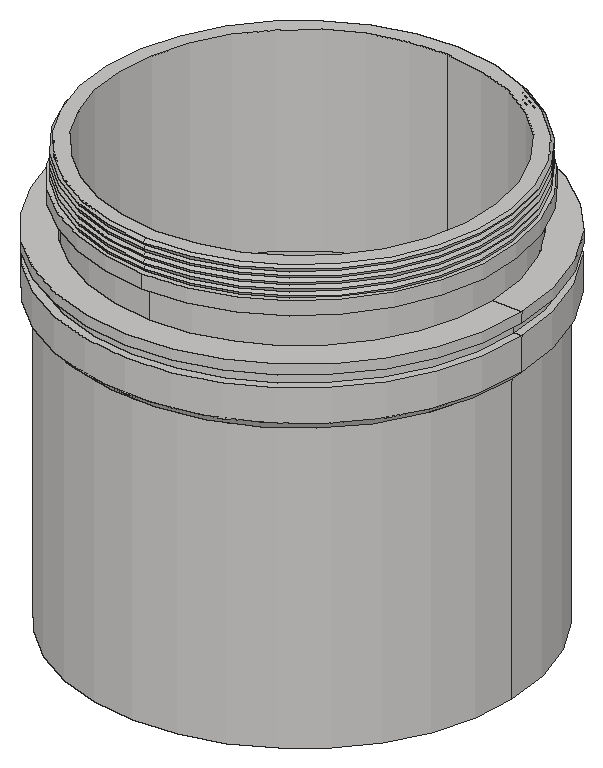
Revit family
Parameters (values of type "1710T08")
  Weight (lb) = 36.45
  Waste Connection = no
  Warranty = "1 year material and workmanship"  # constant formula
  Vent Connection = no
  URL = "http://www.jrsmith.com"
  Threaded Connection = yes
  Technical and Installation = "http://www.jrsmith.com/products/roof/tech_data_index.htm"
  SmartBIM Object Version = 3  # constant formula
  SmartBIM Object Created By = "Reed Construction Data"  # constant formula
  Product URL = "http://www.jrsmith.com/products/roof/submittal/d1710.pdf"
  OmniClass Title = "Roof Drains"  # constant formula
  OmniClass Code = "22-22 14 26 13"  # constant formula
  Model = "1710"  # constant formula
  Material Finish = Duco coated
  Material = Cast Iron
  Manufacturer = "Jay R. Smith Mfg. Co. "  # constant formula
  HW Connection = no
  Description = "Duco cast iron body with adjustable bronze expansion sleeve, packing gland and graphite packing and bronze bolts and wing nuts"  # constant formula
  Default Elevation = 0"
  X = 8 5/8"
  CW Connection = no
  Assembly Code = "D2040200"
  Pipe Radius = Pipe Diameter / 2  # 4"
  Pipe Diameter = 8"
  95 CSI = "15165"  # constant formula
  04 CSI = "22 14 35"  # constant formula
Types (7): name | Weight (lb) | X | Pipe Radius | Pipe Diameter
  (no name) | 36.45 | 8 5/8" | 4" | 8"
  1710T02 | 9.13 | 7 5/16" | 1" | 2"
  1710T03 | 8.08 | 7 11/16" | 1 1/2" | 3"
  1710T04 | 17.7 | 7 11/16" | 2" | 4"
  1710T05 | 16.43 | 8 3/4" | 2 1/2" | 5"
  1710T06 | 16.34 | 8 3/8" | 3" | 6"
  1710T08 | 36.45 | 8 5/8" | 4" | 8"
Reference planes (in)
  plane 1 "Center (Front/Back)": y = 0
  plane 2: z = 0
  plane 3 "Center (Left/Right)": x = -2.48661
  plane 4: x = 1.51339
  plane 5: x = -6.48661
  plane 6: z = 0.8716
  plane 7: z = -7.7534
Forms (in)
  Revolve 1, solid, material "Duco coated" <- "Material Finish"
    sketch origin (0, 0, 0) x (1, 0, 0) y (0, 0, 1)
      loop
        line (-6.36988, -0.64591) -> (-6.96132, -0.64591) -> (-6.96132, -0.84047) -> (-6.7979, -0.84047) -> (-6.7979, -1.08171) -> (-6.95354, -1.08171) -> (-6.95354, -1.73549) -> (-6.76677, -1.91828) -> (-6.76677, -7.7534) -> (-6.48661, -7.7534) -> (-6.48661, -7.09193) -> (-6.65004, -7.09193) -> (-6.65004, -6.46158) -> (-6.36988, -6.46158) -> (-6.36988, -0.64591)
      axis (-2.48661, -0.64591) -> (-2.48661, -7.7534)
    angle from 0 to 360
  Sweep 2, solid, material "Duco coated" <- "Material Finish"
    path origin (5.05982, -180, 1.625) x (0, -1, 0) y (1, 0, 0)
      loop
        circle (-180, -7.54643) r 4
    profile "Profile : Profile" origin (-6.48661, 0, 1.625) x (-1, 0, 0) y (0, 0, 1)
      loop
        line (-0.03667, -1.35313) -> (0, -1.29887) -> (-0.04145, -1.23894) -> (0, -1.17761) -> (-0.04145, -1.11768) -> (0, -1.05635) -> (-0.04145, -0.99643) -> (0, -0.93509) -> (-0.04145, -0.87517) -> (0, -0.81383) -> (-0.04145, -0.75391) -> (-0.31514, -0.75391) -> (-0.31514, -4.78503) -> (-0.1595, -4.78503) -> (-0.1595, -1.6255) -> (0.0584, -1.6255) -> (0.0584, -1.35313) -> (-0.03667, -1.35313)
Lines and regions (in)
  symbolic lines
    curve 1: circle (-2.48661, 0, 1.625) r 1.47471 normal (0, 0, 1)
    curve 2: circle (-2.48661, 0, 1.625) r 0.68486 normal (0, 0, 1)
Dimensions and locks (in)
  equal spacing: plane 5, plane 3 "Center (Left/Right)", plane 4
  "Pipe Diameter": plane 5 to plane 4
  locked: plane 6 to level at 0.8716
  "X": plane 6 to plane 7
  locked: Revolve 1 sketch curve to plane 5 at 0.28016
  locked: Revolve 1 sketch curve to plane 5 at 0.16342
  locked: plane 5 to Revolve 1 sketch curve at 0.11673
  locked: Revolve 1 sketch curve to plane 5 at 0.46693
  locked: Revolve 1 sketch curve to plane 5 at 0.31128
  locked: Revolve 1 sketch curve to plane 5 at 0.47471
  "Pipe Radius": radius of Sweep 2 sketch curve
  aligned and locked: Revolve 1 sketch curve to plane 3 "Center (Left/Right)"
  aligned and locked: Revolve 1 sketch curve to plane 7
Automatic sketch dimensions
  Revolve 1 sketch curve to plane 5 = 0"
  Revolve 1 sketch curve to Revolve 1 sketch curve = 0.63035"
  Revolve 1 sketch curve to Revolve 1 sketch curve = 0.1828"
  Revolve 1 sketch curve to Revolve 1 sketch curve = 0.24125"
  Revolve 1 sketch curve to Revolve 1 sketch curve = 0.19455"
  Revolve 1 sketch curve to Revolve 1 sketch curve = 95 91/128"
  Revolve 1 sketch curve to Revolve 1 sketch curve = 0.65378"
  Revolve 1 sketch curve to level = 0.64591"
  Revolve 1 sketch curve to Revolve 1 sketch curve = 40.21465"
  Revolve 1 sketch curve to Revolve 1 sketch curve = 0.66148"
  Sweep 2 sketch curve to plane 1 "Center (Front/Back)" = 0"
  Sweep 2 sketch curve to plane 3 "Center (Left/Right)" = 0"
  curve 1 to curve 2 = 0"  (x2)
  curve 2 to plane 1 "Center (Front/Back)" = 0"
  curve 2 to plane 3 "Center (Left/Right)" = 0"
  radius of curve 1 = 1.47471"
  radius of curve 2 = 0.68486"
Connectors (in)
  piping at (-2.48661, 0, -7.7534), driven by "Pipe Radius"
    settings: on Revolve 1, index 2
  piping at (-2.48661, 0, 0.87109), driven by "Pipe Radius"
    settings: on Sweep 2, index 3
